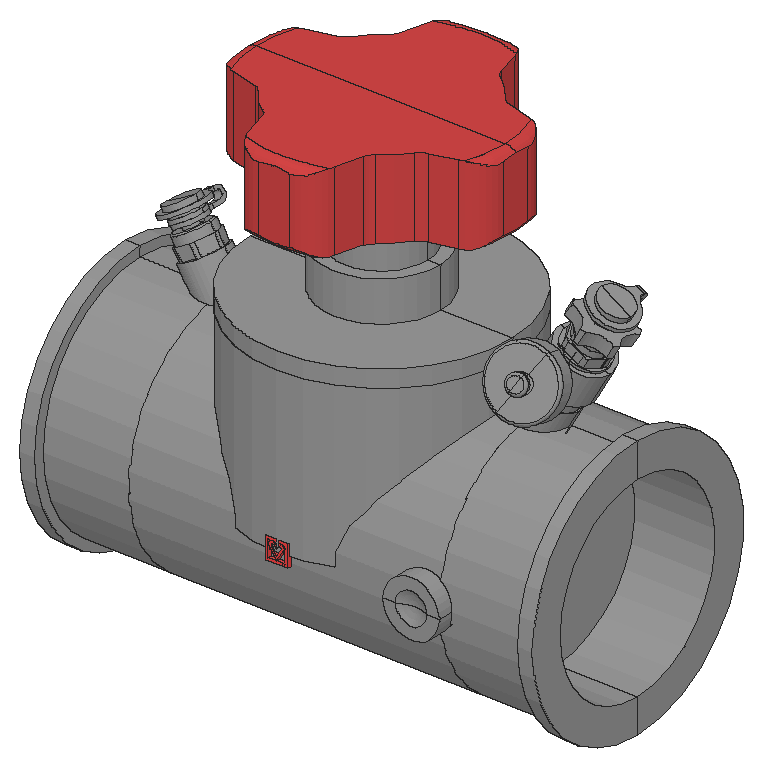
Revit family "Strangregulierventil für Differenzdruckmessung, Geradsitzform 4217 GML", category Rohrzubehör, Revit 2020
Family settings
  Bemaßung runder Anschluss = Durchmesser verwenden
  Teiletyp = Unterbricht
  OmniClass-Nummer = 23.65.55.14
  OmniClass-Titel = Valves for Liquid Services
  Arbeitsebenenbasiert = Nein
  Immer vertikal = Ja
  Beim Laden mit Abzugskörper schneiden = Nein
  Gemeinsam genutzt = Nein
Parameters
  kvs-Wert [instance] = if(Nennweite = 15.00 mm, 6.05, if(Nennweite = 20.00 mm, 6.11, if(Nennweite = 25.00 mm, 9.22, if(Nennweite = 32.00 mm, 18.83, if(Nennweite = 40.00 mm, 23.29, if(Nennweite = 50.00 mm, 35.26, if(Nennweite = 65.00 mm, 52.11, if(Nennweite = 80.00 mm, 76.1, 0))))))))  # 76.1
  W02 = 60.00°  # constant formula
  W01 = 30.00°  # constant formula
  Vorgabe-Ansicht = 0.00 mm
  URL = "www.herz-armaturen.at"
  SC_NennweiteBerechnet = 0
  SC_Dimension = ""
  SCRNSEQ = "ARM;ARM_TYP=\"STRV\";2"
  SCRNCODE = "05;07;02"  # constant formula
  S02 = 60.00 mm  # constant formula
  S01 [instance] = H00 + H01  # 119.31 mm
  R01 [instance] = size_lookup("4217_GML_", "R1", 1.00 mm, Nennweite)  # 53.00 mm
  Nennweite [instance] = 80.00 mm
  Medium = "Heizwasserqualität entsprechend ÖNORM H 5195 bzw. VDI-Richtlinie 2035.\r\nDie Verwendung von Ethylen- und Propylenglykol ist im Mischungsverhältnis 25 - 50 Vol. % zulässig."
  Max. Betriebstemperatur (bis DN32) = 130 °C  # constant formula
  Max. Betriebstemperatur (ab DN40) = 110 °C  # constant formula
  Max. Betriebsdruck = 1600000.0 Pa  # constant formula
  ML02 [instance] = size_lookup("4217_GML_", "ML2", 1.00 mm, Nennweite)  # 70.50 mm
  ML01 [instance] = size_lookup("4217_GML_", "ML1", 1.00 mm, Nennweite)  # 37.35 mm
  MD01 = 9.50 mm  # constant formula
  L02 [instance] = size_lookup("4217_GML_", "L2", 1.00 mm, Nennweite)  # 6.00 mm
  L01 [instance] = size_lookup("4217_GML_", "L1", 1.00 mm, Nennweite)  # 41.30 mm
  L00 [instance] = size_lookup("4217_GML_", "L", 1.00 mm, Nennweite)  # 210.00 mm
  IG [instance] = Nennweite / 2  # 40.00 mm
  Hersteller = "HERZ Armaturen Ges.m.b.H."  # constant formula
  H04 [instance] = size_lookup("4217_GML_", "H4", 1.00 mm, Nennweite)  # 19.00 mm
  H03 = 10.00 mm  # constant formula
  H02 [instance] = size_lookup("4217_GML_", "H2", 1.00 mm, Nennweite)  # 7.00 mm
  H01 [instance] = size_lookup("4217_GML_", "H1", 1.00 mm, Nennweite)  # 52.60 mm
  H00 [instance] = size_lookup("4217_GML_", "H", 1.00 mm, Nennweite)  # 66.71 mm
  Gewicht [instance] = if(Nennweite = 15.00 mm, "0.97 kg", if(Nennweite = 20.00 mm, "1.00 kg", if(Nennweite = 25.00 mm, "1.45 kg", if(Nennweite = 32.00 mm, "1.98 kg", if(Nennweite = 40.00 mm, "2.34 kg", if(Nennweite = 50.00 mm, "3.85 kg", if(Nennweite = 65.00 mm, "5.35 kg", if(Nennweite = 80.00 mm, "7.20 kg", "0 kg"))))))))  # "7.20 kg"
  Gehäuse = "DZR-Messing"  # constant formula
  GT [instance] = size_lookup("4217_GML_", "GT", 1.00 mm, Nennweite)  # 33.30 mm
  Einbaulage = "Bedingt durch die senkrecht zur Ventilachse angeordnete, nichtsteigende Ventilspindel ist für jede Einbaulage optimale Zugängigkeit und Bedienbarkeit des Ventils gewährleistet."
  Differenzdruckmessung = "STRÖMAX-GML Strangregulierventil ist mit zwei Messventilen ausgestattet.\r\nBei Verwendung eines geeigneten Messgerätes kann der Differenzdruck gemessen und dadurch die jeweilige Durchflussmenge in Abhängigkeit der Einstellstufe ermittelt werden.\r\nAm HERZ-Messcomputer (1 8900 05) ist außerdem direkt die jeweilige Durchflussmenge ablesbar."
  DN80 [instance] = Nennweite = 80.00 mm  # yes
  DN65 [instance] = Nennweite = 65.00 mm  # no
  DN50_DN80 [instance] = or(Nennweite = 50.00 mm, Nennweite = 65.00 mm, Nennweite = 80.00 mm)  # yes
  DN50-DN80 [instance] = H00 + H01  # 119.31 mm
  DN50 [instance] = Nennweite = 50.00 mm  # no
  DN40 [instance] = Nennweite = 40.00 mm  # no
  DN32 [instance] = Nennweite = 32.00 mm  # no
  DN25 [instance] = Nennweite = 25.00 mm  # no
  DN20 [instance] = Nennweite = 20.00 mm  # no
  DN15_DN40 [instance] = or(Nennweite = 15.00 mm, Nennweite = 20.00 mm, Nennweite = 25.00 mm, Nennweite = 32.00 mm, Nennweite = 40.00 mm)  # no
  DN15-DN40 [instance] = H00 + H01  # 119.31 mm
  DN15 [instance] = Nennweite = 15.00 mm  # no
  D06 [instance] = size_lookup("4217_GML_", "D6", 1.00 mm, Nennweite)  # 24.30 mm
  D05 [instance] = size_lookup("4217_GML_", "D5", 1.00 mm, Nennweite)  # 19.00 mm
  D04 = 9.00 mm  # constant formula
  D03 [instance] = size_lookup("4217_GML_", "D3", 1.00 mm, Nennweite)  # 53.80 mm
  D02 [instance] = size_lookup("4217_GML_", "D2", 1.00 mm, Nennweite)  # 54.00 mm
  D01 [instance] = size_lookup("4217_GML_", "D1", 1.00 mm, Nennweite)  # 50.00 mm
  Bestellnummer [instance] = size_lookup("4217_GML_", "Artnr", 0, Nennweite)  # 1421718
  Ausführung = "STRÖMAX-GML Strangregulierventil mit Messventilen und Impulsleitungsanschluß 1/2″ – 3″\r\nGeradesitzform, gelbe Ausführung, Muffe x Muffe, nichtsteigende Spindel, Spindelabdichtung durch Doppel-O-Ring, Voreinstellung durch Hubbegrenzung mittels Innenspindel, digitale Anzeige der Voreinstellstufe im Handradfenster.\r\nEin Standardmeßventil und ein Messventil mit integriertem Impulsleitungsanschluß befinden sich neben dem Handrad."
  Anwendungen = "Zum hydraulischen Abgleich in Heiz- oder Kühlanlagen, Einregulieren von Verteilleitungen, Strängen, Wärmetauschern, Heiz- und Kühlregistern."
Reference planes
  plane 1 "Mitte (Vorne/hinten)": y = 0
  plane 2: z = 0
  plane 3 "Mitte (Links/rechts)": x = 0
Forms (mm)
  Revolve 1, solid, material "Messing, weicher Gelbton, geschweißt", detail levels fine
    sketch origin (0, 0, 0) x (1, 0, 0) y (0, 0, 1)
      loop
        line (-105, 54) -> (-105, 40) -> (-71.7, 40) -> (-71.7, 0) -> (71.7, 0) -> (71.7, 40) -> (105, 40) -> (105, 54) -> (99, 54) -> (99, 50) -> (63.7, 50)
        arc (63.7, 50) -> (0, 53) -> (-63.7, 50) r 677.782
        line (-63.7, 50) -> (-99, 50) -> (-99, 54) -> (-105, 54)
      axis (-105, 0) -> (105, 0)
    angle from 0 to 360
  Revolve 2, solid, material "Messing, weicher Gelbton, geschweißt", detail levels fine
    sketch origin (0, 0, 0) x (1, 0, 0) y (0, 0, 1)
      loop
        line (37.35, 0) -> (72.6, 61.055) -> (64.373, 65.805) -> (29.123, 4.75) -> (37.35, 0)
      axis (37.35, 0) -> (72.6, 61.055)
    angle from 0 to 360
  Revolve 3, solid, material "Messing, weicher Gelbton, geschweißt", detail levels fine
    sketch origin (0, 0, 0) x (1, 0, 0) y (0, 0, 1)
      loop
        line (0, 0) -> (0, 66.71) -> (-53.8, 66.71) -> (-53.8, 0) -> (0, 0)
      axis (0, 66.71) -> (0, 0)
    angle from 0 to 360
  Revolve 4, solid, material "Messing, weicher Gelbton, geschweißt", detail levels fine
    sketch origin (0, 0, 0) x (-1, 0, 0) y (0, 0, 1)
      loop
        line (37.35, 0) -> (72.6, 61.055) -> (64.373, 65.805) -> (29.123, 4.75) -> (37.35, 0)
      axis (37.35, 0) -> (72.6, 61.055)
    angle from 0 to 360
  Revolve 5, solid, material "Messing, weicher Gelbton, geschweißt", visible <- "DN65", detail levels fine
    sketch origin (0, 0, 0) x (1, 0, 0) y (0, 1, 0)
      loop
        line (60, 47.945) -> (60, -47.945)
        arc (60, -47.945) -> (63.368, -48.598) -> (66.5, -50) r 15
        line (66.5, -50) -> (71.5, -50) -> (71.5, 50) -> (66.5, 50)
        arc (66.5, 50) -> (63.368, 48.598) -> (60, 47.945) r 15
      axis (60, 50) -> (60, -50)
    angle from 0 to 360
  Revolve 6, solid, material "Messing, weicher Gelbton, geschweißt", detail levels fine
    sketch origin (0, 0, 0) x (1, 0, 0) y (0, 0, 1)
      loop
        line (0, 66.71) -> (0, 119.31) -> (-9, 119.31) -> (-9, 109.31) -> (-19, 109.31) -> (-19, 90.31) -> (-24.3, 90.31) -> (-24.3, 73.71) -> (-53.8, 73.71) -> (-53.8, 66.71) -> (0, 66.71)
      axis (0, 119.31) -> (0, 66.71)
    angle from 0 to 360
  Revolve 7, solid, material "Messing, weicher Gelbton, geschweißt", visible <- "DN80", detail levels fine
    sketch origin (0, 0, 0) x (1, 0, 0) y (0, 1, 0)
      loop
        line (57, 53.945) -> (57, -53.945)
        arc (57, -53.945) -> (60.368, -54.598) -> (63.5, -56) r 15
        line (63.5, -56) -> (68.5, -56) -> (68.5, 56) -> (63.5, 56)
        arc (63.5, 56) -> (60.368, 54.598) -> (57, 53.945) r 15
      axis (57, 56) -> (57, -56)
    angle from 0 to 360
Lines and regions (mm)
  model lines, detail levels coarse+medium
    curve 1: line (-105, 0, 54) -> (-105, 0, -54)
    curve 2: line (-105, 0, -54) -> (105, 0, 54)
    curve 3: line (105, 0, 54) -> (105, 0, -54)
    curve 4: line (105, 0, -54) -> (-105, 0, 54)
    curve 5: line (0, 0, 0) -> (68.884, 0, 119.31)
    curve 6: line (42.903, 0, 134.31) -> (94.864, 0, 104.31)
    curve 7: line (-105, 54, 0) -> (-105, -54, 0)
    curve 8: line (-105, -54, 0) -> (105, 54, 0)
    curve 9: line (105, 54, 0) -> (105, -54, 0)
    curve 10: line (105, -54, 0) -> (-105, 54, 0)
    curve 11: line (0, 0, 0) -> (68.884, 119.31, 0)
    curve 12: line (42.903, 134.31, 0) -> (94.864, 104.31, 0)
Dimensions and locks
  "IG": Revolve 1 sketch curve to plane 2
  "GT": Revolve 1 sketch curve to Revolve 1 sketch curve  (x2)
  "IG": Revolve 1 sketch curve to Revolve 1 sketch curve
  "D01": Revolve 1 sketch curve to Revolve 1 sketch curve  (x2)
  "R01": Revolve 1 sketch curve to Revolve 1 sketch curve
  "L02": Revolve 1 sketch curve to Revolve 1 sketch curve  (x2)
  "L01": Revolve 1 sketch curve to Revolve 1 sketch curve  (x2)
  "D02": Revolve 1 sketch curve to plane 2  (x2)
  equal spacing: Revolve 1 sketch curve, plane 3 "Mitte (Links/rechts)", Revolve 1 sketch curve
  "L00": Revolve 1 sketch curve to Revolve 1 sketch curve
  "R01": nested 1 to plane 1 "Mitte (Vorne/hinten)"
  "ML01": Revolve 2 sketch curve to plane 3 "Mitte (Links/rechts)"
  "H00": Revolve 3 sketch curve to plane 2
  "D03": Revolve 3 sketch curve to Revolve 3 sketch curve
  "ML02": Revolve 2 sketch curve to Revolve 2 sketch curve
  "MD01": Revolve 2 sketch curve to Revolve 2 sketch curve  (x2)
  "ML02": Revolve 4 sketch curve to Revolve 4 sketch curve
  "MD01": Revolve 4 sketch curve to Revolve 4 sketch curve  (x2)
  "ML01": plane 3 "Mitte (Links/rechts)" to Revolve 4 sketch curve
  Revolve 5 sketch curve to Revolve 1 = 45.00 mm
  Revolve 5 sketch curve to Revolve 5 sketch curve = 11.50 mm  (x2)
  Revolve 5 sketch curve to plane 1 "Mitte (Vorne/hinten)" to Revolve 5 sketch curve = 50.00 mm, 50.00 mm
  "H00": Revolve 6 sketch curve to plane 2
  "H01": Revolve 6 sketch curve to Revolve 6 sketch curve
  "D04": Revolve 6 sketch curve to Revolve 6 sketch curve
  "D03": Revolve 6 sketch curve to Revolve 6 sketch curve
  "D05": Revolve 6 sketch curve to Revolve 6 sketch curve
  "D06": Revolve 6 sketch curve to Revolve 6 sketch curve
  "H02": Revolve 6 sketch curve to Revolve 6 sketch curve
  "H03": Revolve 6 sketch curve to Revolve 6 sketch curve
  "H04": Revolve 6 sketch curve to Revolve 6 sketch curve
  Revolve 7 sketch curve to Revolve 1 = 48.00 mm
  Revolve 7 sketch curve to Revolve 7 sketch curve = 11.50 mm  (x2)
  Revolve 7 sketch curve to plane 1 "Mitte (Vorne/hinten)" to Revolve 7 sketch curve = 56.00 mm, 56.00 mm
  "DN15-DN40": nested 2 to plane 2
  "DN50-DN80": nested 3 to plane 2
  "D02": curve 4 to plane 2 to curve 2
  "D02": curve 3 to plane 2 to curve 4
  equal spacing: curve 1, plane 3 "Mitte (Links/rechts)", curve 3
  "L00": curve 1 to curve 3
  equal spacing: Revolve 1, curve 5, Revolve 1
  "S01": curve 5 to plane 2
  equal spacing: curve 6, curve 5, curve 6
  "S02": curve 6 to curve 6
  "D02": curve 8 to plane 1 "Mitte (Vorne/hinten)" to curve 10
  "D02": curve 10 to plane 1 "Mitte (Vorne/hinten)" to curve 9
  equal spacing: curve 7, plane 3 "Mitte (Links/rechts)", curve 9
  "L00": curve 7 to curve 9
  equal spacing: curve 7, curve 11, curve 9
  "S01": plane 1 "Mitte (Vorne/hinten)" to curve 11
  equal spacing: curve 12, curve 11, curve 12
  "S02": curve 12 to curve 12
  radius of Revolve 5 sketch curve = 15.00 mm  (x2)
  radius of Revolve 7 sketch curve = 15.00 mm  (x2)
  "W01": angle Revolve 2 sketch curve to plane 3 "Mitte (Links/rechts)"  (x2)
  "W01": angle plane 3 "Mitte (Links/rechts)" to Revolve 4 sketch curve  (x2)
  "W02": angle plane 2 to curve 5
  "W02": angle plane 1 "Mitte (Vorne/hinten)" to curve 11
  aligned and locked: level to plane 2
Automatic sketch dimensions
  Revolve 5 sketch curve to Revolve 5 sketch curve = 1.153 mm  (x2)
  Revolve 5 sketch curve to Revolve 5 sketch curve = 5.00 mm  (x2)
  Revolve 5 sketch curve to Revolve 5 sketch curve = 2.854 mm  (x2)
  Revolve 7 sketch curve to Revolve 7 sketch curve = 1.153 mm  (x2)
  Revolve 7 sketch curve to Revolve 7 sketch curve = 5.00 mm  (x2)
  Revolve 7 sketch curve to Revolve 7 sketch curve = 8.854 mm  (x2)
  Revolve 1 sketch curve to level = 0.00 mm  (x2)
  Revolve 1 sketch curve to Revolve 1 sketch curve = 1429.986 mm
  Revolve 1 sketch curve to Revolve 1 sketch curve = 1762.604 mm
  Revolve 2 sketch curve to level = 0.00 mm  (x2)
  Revolve 3 sketch curve to level = 0.00 mm
  Revolve 3 sketch curve to plane 3 "Mitte (Links/rechts)" = 0.00 mm  (x2)
  Revolve 3 sketch curve to Revolve 3 sketch curve = 366.045 mm
  Revolve 3 sketch curve to Revolve 3 sketch curve = 2179.415 mm
  Revolve 4 sketch curve to level = 0.00 mm  (x2)
  Revolve 6 sketch curve to plane 3 "Mitte (Links/rechts)" = 0.00 mm  (x2)
  Revolve 6 sketch curve to level = 366.045 mm
  Revolve 6 sketch curve to Revolve 6 sketch curve = 2146.115 mm
Nested families
  nested 1: "Herz-Logo-vorne" at (0, -53, 0) x (0, 1, 0) z (0, 0, 1), type "Herz-Logo-vorne", detail levels fine
  nested 2: "Strangregulierventil-Handrad-Gerade (Rot) DN15-DN40" at (0, 0, 119.31), visible <- "DN15_DN40", type "Strangregulierventil-Handrad-Gerade (Rot) DN15-DN40", detail levels fine
    with Nennweite 0.00 mm, Gewicht 0.00 kg, Bestellnummer 0
  nested 3: "Strangregulierventil-Handrad-Gerade (Rot) DN50-DN80" at (0, 0, 119.31), visible <- "DN50_DN80", type "Strangregulierventil-Handrad-Gerade (Rot) DN50-DN80", detail levels fine
    with Nennweite 0.00 mm, Gewicht 0.00 kg, Bestellnummer 0
  nested 4: "Messstutzen_Band-KFE_Austritt_30Grad_(oben)" at (61.39, 0, 59.409), visible <- "DN50", type "Messstutzen_Band-KFE_Austritt_30Grad_(oben)", detail levels fine
    with Schutzkappe yes, Nennweite 0.00 mm, Gewicht 0.00 kg, Bestellnummer 0
  nested 5: "Messstutzen_Band_Eintritt_30Grad_(oben)" at (-47.24, 0, 34.901) x (-1, 0, 0) z (0, 0, 1), visible <- "DN50", type "Messstutzen_Band_Eintritt_30Grad_(oben)", detail levels fine
    with Schutzkappe yes, Nennweite 0.00 mm, Gewicht 0.00 kg, Bestellnummer 0
  nested 6: "Messstutzen_Band-KFE_Austritt_30Grad_(oben)" at (41.17, 0, 35.507), visible <- "DN15", type "Messstutzen_Band-KFE_Austritt_30Grad_(oben)", detail levels fine
    with Schutzkappe yes, Nennweite 0.00 mm, Gewicht 0.00 kg, Bestellnummer 0
  nested 7: "Messstutzen_Band_Eintritt_30Grad_(oben)" at (-27.02, 0, 10.999) x (-1, 0, 0) z (0, 0, 1), visible <- "DN15", type "Messstutzen_Band_Eintritt_30Grad_(oben)", detail levels fine
    with Schutzkappe yes, Nennweite 0.00 mm, Gewicht 0.00 kg, Bestellnummer 0
  nested 8: "Messstutzen_Band_Eintritt_30Grad_(oben)" at (-24.855, 0, 13.553) x (-1, 0, 0) z (0, 0, 1), visible <- "DN20", type "Messstutzen_Band_Eintritt_30Grad_(oben)", detail levels fine
    with Schutzkappe yes, Nennweite 0.00 mm, Gewicht 0.00 kg, Bestellnummer 0
  nested 9: "Messstutzen_Band-KFE_Austritt_30Grad_(oben)" at (39.005, 0, 38.062), visible <- "DN20", type "Messstutzen_Band-KFE_Austritt_30Grad_(oben)", detail levels fine
    with Schutzkappe yes, Nennweite 0.00 mm, Gewicht 0.00 kg, Bestellnummer 0
  nested 10: "Messstutzen_Band_Eintritt_30Grad_(oben)" at (-29.265, 0, 17.883) x (-1, 0, 0) z (0, 0, 1), visible <- "DN25", type "Messstutzen_Band_Eintritt_30Grad_(oben)", detail levels fine
    with Schutzkappe yes, Nennweite 0.00 mm, Gewicht 0.00 kg, Bestellnummer 0
  nested 11: "Messstutzen_Band-KFE_Austritt_30Grad_(oben)" at (43.415, 0, 42.392), visible <- "DN25", type "Messstutzen_Band-KFE_Austritt_30Grad_(oben)", detail levels fine
    with Schutzkappe yes, Nennweite 0.00 mm, Gewicht 0.00 kg, Bestellnummer 0
  nested 12: "Messstutzen_Band_Eintritt_30Grad_(oben)" at (-37.74, 0, 24.595) x (-1, 0, 0) z (0, 0, 1), visible <- "DN32", type "Messstutzen_Band_Eintritt_30Grad_(oben)", detail levels fine
    with Schutzkappe yes, Nennweite 0.00 mm, Gewicht 0.00 kg, Bestellnummer 0
  nested 13: "Messstutzen_Band-KFE_Austritt_30Grad_(oben)" at (51.89, 0, 49.104), visible <- "DN32", type "Messstutzen_Band-KFE_Austritt_30Grad_(oben)", detail levels fine
    with Schutzkappe yes, Nennweite 0.00 mm, Gewicht 0.00 kg, Bestellnummer 0
  nested 14: "Messstutzen_Band_Eintritt_30Grad_(oben)" at (-42.8, 0, 28.665) x (-1, 0, 0) z (0, 0, 1), visible <- "DN40", type "Messstutzen_Band_Eintritt_30Grad_(oben)", detail levels fine
    with Schutzkappe yes, Nennweite 0.00 mm, Gewicht 0.00 kg, Bestellnummer 0
  nested 15: "Messstutzen_Band-KFE_Austritt_30Grad_(oben)" at (56.95, 0, 53.174), visible <- "DN40", type "Messstutzen_Band-KFE_Austritt_30Grad_(oben)", detail levels fine
    with Schutzkappe yes, Nennweite 0.00 mm, Gewicht 0.00 kg, Bestellnummer 0
  nested 16: "Messstutzen_Band_Eintritt_30Grad_(oben)" at (-54.5, 0, 38.105) x (-1, 0, 0) z (0, 0, 1), visible <- "DN65", type "Messstutzen_Band_Eintritt_30Grad_(oben)", detail levels fine
    with Schutzkappe yes, Nennweite 0.00 mm, Gewicht 0.00 kg, Bestellnummer 0
  nested 17: "Messstutzen_Band-KFE_Austritt_30Grad_(oben)" at (68.65, 0, 62.614), visible <- "DN65", type "Messstutzen_Band-KFE_Austritt_30Grad_(oben)", detail levels fine
    with Schutzkappe yes, Nennweite 0.00 mm, Gewicht 0.00 kg, Bestellnummer 0
  nested 18: "Messstutzen_Band_Eintritt_30Grad_(oben)" at (-63.85, 0, 45.899) x (-1, 0, 0) z (0, 0, 1), visible <- "DN80", type "Messstutzen_Band_Eintritt_30Grad_(oben)", detail levels fine
    with Schutzkappe yes, Nennweite 0.00 mm, Gewicht 0.00 kg, Bestellnummer 0
  nested 19: "Messstutzen_Band-KFE_Austritt_30Grad_(oben)" at (78, 0, 70.408), visible <- "DN80", type "Messstutzen_Band-KFE_Austritt_30Grad_(oben)", detail levels fine
    with Schutzkappe yes, Nennweite 0.00 mm, Gewicht 0.00 kg, Bestellnummer 0
Connectors
  piping at (-71.7, 0, 0), diameter 80, driven by "Nennweite"
    settings: on Revolve 1, index 1, connector inside diameter 609.6 mm, connector length 0.00 mm, flow factor 0, pipe flow 0.0 L/s, pressure drop 0.0 Pa, fitting loss kfactor 0, connector angle 0.00°, fixture units 0, engagement length 0.00 mm, angle of deflection 0.00°, flow configuration 0, flow direction 1, fitting loss method 0, system type 29, joint type 0, gender type 0, connector reference index -1, connector utility 0, adjustable connector no, is connector primary yes, connector description ""
  piping at (71.7, 0, 0), diameter 80, driven by "Nennweite"
    settings: on Revolve 1, index 2, connector inside diameter 609.6 mm, connector length 0.00 mm, flow factor 0, pipe flow 0.0 L/s, pressure drop 0.0 Pa, fitting loss kfactor 0, connector angle 0.00°, fixture units 0, engagement length 0.00 mm, angle of deflection 0.00°, flow configuration 0, flow direction 2, fitting loss method 0, system type 29, joint type 0, gender type 0, connector reference index -1, connector utility 0, adjustable connector no, is connector primary no, connector description ""
Definition of nested family "Herz-Logo-vorne"
  Parameters (values of type "Herz-Logo-vorne")
    Default Elevation = 0.00 mm
  Reference planes
    plane 1 "Mitte (Vorne/hinten)": y = 0
    plane 2: z = 0
    plane 3 "Mitte (Links/rechts)": x = 0
  Forms (mm)
    Extrusion 1, solid
      sketch origin (0.732, -0.018, 0.017) x (0, -1, 0) y (0, 0, 1)
        loop
          line (-0.018, -4.517) -> (4.482, -4.517) -> (4.482, 4.483) -> (-4.518, 4.483) -> (-4.518, -4.517) -> (-0.018, -4.517)
        loop
          line (-0.05, -3.48) -> (3.482, -3.48) -> (3.482, 3.483) -> (-3.518, 3.483) -> (-3.518, -3.48) -> (-0.05, -3.48)
        loop
          arc (-0.018, 2.383) -> (-1.543, 3.287) -> (-3.067, 2.383) r 1.738
          arc (-3.067, 2.383) -> (-3.191, 1.899) -> (-3.067, 1.415) r 1.009
          line (-3.067, 1.415) -> (-0.018, -3.281) -> (3.032, 1.415)
          arc (3.032, 1.415) -> (3.156, 1.899) -> (3.032, 2.383) r 1.009
          arc (3.032, 2.383) -> (1.507, 3.287) -> (-0.018, 2.383) r 1.738
        loop
          arc (1.885, 1.272) -> (2.005, 1.675) -> (1.885, 2.079) r 0.74
          arc (1.885, 2.079) -> (1.265, 2.416) -> (0.644, 2.079) r 0.74
          line (0.644, 2.079) -> (-0.018, 0.97) -> (-0.679, 2.079)
          arc (-0.679, 2.079) -> (-1.3, 2.416) -> (-1.921, 2.079) r 0.74
          arc (-1.921, 2.079) -> (-2.04, 1.675) -> (-1.921, 1.272) r 0.74
          line (-1.921, 1.272) -> (-0.018, -1.658) -> (1.885, 1.272)
      from 0 to 1.5
  Dimensions and locks
    aligned and locked: level to plane 2
Definition of nested family "Strangregulierventil-Handrad-Gerade (Rot) DN15-DN40"
  Parameters (values of type "Strangregulierventil-Handrad-Gerade (Rot) DN15-DN40")
    Default Elevation = 0.00 mm
    URL = "www.herz-armaturen.at"
    Nennweite [instance] = 0.00 mm
    Manufacturer = "Herz Armaturen GmbH"  # constant formula
    Gewicht [instance] = 0.00 kg
    Bestellnummer [instance] = 0
  Reference planes
    plane 1 "Mitte (Vorne/hinten)": y = 0
    plane 2: z = 0
    plane 3 "Mitte (Links/rechts)": x = 0
  Forms (mm)
    Revolve 1, solid, detail levels fine
      sketch origin (0, 0, 0) x (1, 0, 0) y (0, 0, 1)
        loop
          line (0, 0) -> (0, 24.95) -> (-30.992, 24.95)
          arc (-30.992, 24.95) -> (-34.37, 23.636) -> (-35.973, 20.386) r 5
          line (-35.973, 20.386) -> (-37, 8.65) -> (-35.986, -2.936)
          arc (-35.986, -2.936) -> (-34.383, -6.186) -> (-31.005, -7.5) r 5
          line (-31.005, -7.5) -> (-15, -7.5) -> (-15, 0) -> (0, 0)
        axis (0, 24.95) -> (0, -7.5)
      angle from 0 to 360
    Extrusion 2, void
      sketch origin (0, 0, 20.3) x (1, 0, 0) y (0, 1, 0)
        loop
          line (3.861, 35.5) -> (-3.861, 35.5)
          arc (-3.861, 35.5) -> (-8.731, 33.847) -> (-11.589, 29.571) r 8
          line (-11.589, 29.571) -> (-13.284, 23.245)
          arc (-13.284, 23.245) -> (-13.982, 21.722) -> (-15.144, 20.516) r 5
          arc (-15.144, 20.516) -> (-18.031, 18.031) -> (-20.516, 15.144) r 25.5
          arc (-20.516, 15.144) -> (-21.722, 13.982) -> (-23.245, 13.284) r 5
          line (-23.245, 13.284) -> (-29.571, 11.589)
          arc (-29.571, 11.589) -> (-33.847, 8.731) -> (-35.5, 3.861) r 8
          line (-35.5, 3.861) -> (-35.5, -3.861)
          arc (-35.5, -3.861) -> (-33.847, -8.731) -> (-29.571, -11.589) r 8
          line (-29.571, -11.589) -> (-23.245, -13.284)
          arc (-23.245, -13.284) -> (-21.722, -13.982) -> (-20.516, -15.144) r 5
          arc (-20.516, -15.144) -> (-18.031, -18.031) -> (-15.144, -20.516) r 25.5
          arc (-15.144, -20.516) -> (-13.982, -21.722) -> (-13.284, -23.245) r 5
          line (-13.284, -23.245) -> (-11.589, -29.571)
          arc (-11.589, -29.571) -> (-8.731, -33.847) -> (-3.861, -35.5) r 8
          line (-3.861, -35.5) -> (3.861, -35.5)
          arc (3.861, -35.5) -> (8.731, -33.847) -> (11.589, -29.571) r 8
          line (11.589, -29.571) -> (13.284, -23.245)
          arc (13.284, -23.245) -> (13.982, -21.722) -> (15.144, -20.516) r 5
          arc (15.144, -20.516) -> (18.031, -18.031) -> (20.516, -15.144) r 25.5
          arc (20.516, -15.144) -> (21.722, -13.982) -> (23.245, -13.284) r 5
          line (23.245, -13.284) -> (29.571, -11.589)
          arc (29.571, -11.589) -> (33.847, -8.731) -> (35.5, -3.861) r 8
          line (35.5, -3.861) -> (35.5, 3.861)
          arc (35.5, 3.861) -> (33.847, 8.731) -> (29.571, 11.589) r 8
          line (29.571, 11.589) -> (23.245, 13.284)
          arc (23.245, 13.284) -> (21.722, 13.982) -> (20.516, 15.144) r 5
          arc (20.516, 15.144) -> (18.031, 18.031) -> (15.144, 20.516) r 25.5
          arc (15.144, 20.516) -> (13.982, 21.722) -> (13.284, 23.245) r 5
          line (13.284, 23.245) -> (11.589, 29.571)
          arc (11.589, 29.571) -> (8.731, 33.847) -> (3.861, 35.5) r 8
        loop
          circle (0, 0) r 38
      from -31.266 to 7.923
  Cuts and joins
    Extrusion 2 cuts Revolve 1
  Dimensions and locks
    Revolve 1 sketch curve to Revolve 1 sketch curve = 15.00 mm
    Revolve 1 sketch curve to Revolve 1 sketch curve = 16.15 mm
    Revolve 1 sketch curve to Revolve 1 sketch curve = 16.30 mm
    angle Revolve 1 sketch curve to Revolve 1 sketch curve = 95.00°
    aligned and locked: level to plane 2
Definition of nested family "Strangregulierventil-Handrad-Gerade (Rot) DN50-DN80"
  Parameters (values of type "Strangregulierventil-Handrad-Gerade (Rot) DN50-DN80")
    Default Elevation = 0.00 mm
    URL = "www.herz-armaturen.at"
    Nennweite [instance] = 0.00 mm
    Manufacturer = "Herz Armaturen GmbH"  # constant formula
    Gewicht [instance] = 0.00 kg
    Bestellnummer [instance] = 0
  Reference planes
    plane 1 "Mitte (Vorne/hinten)": y = 0
    plane 2: z = 0
    plane 3 "Mitte (Links/rechts)": x = 0
  Forms (mm)
    Revolve 1, solid, detail levels fine
      sketch origin (0, 0, 0) x (1, 0, 0) y (0, 0, 1)
        loop
          line (0, 0) -> (0, 24.95) -> (-50.992, 24.95)
          arc (-50.992, 24.95) -> (-54.37, 23.636) -> (-55.973, 20.386) r 5
          line (-55.973, 20.386) -> (-57, 8.65) -> (-55.986, -2.936)
          arc (-55.986, -2.936) -> (-54.383, -6.186) -> (-51.005, -7.5) r 5
          line (-51.005, -7.5) -> (-15, -7.5) -> (-15, 0) -> (0, 0)
        axis (0, 24.95) -> (0, -7.5)
      angle from 0 to 360
    Extrusion 2, void
      sketch origin (0, 0, 20.3) x (1, 0, 0) y (0, 1, 0)
        loop
          line (-55, 6.292) -> (-55, -6.292)
          arc (-55, -6.292) -> (-52.52, -13.597) -> (-46.106, -17.883) r 12
          line (-46.106, -17.883) -> (-35.399, -20.752)
          arc (-35.399, -20.752) -> (-33.541, -21.612) -> (-32.08, -23.047) r 6
          arc (-32.08, -23.047) -> (-27.931, -27.931) -> (-23.047, -32.08) r 39.5
          arc (-23.047, -32.08) -> (-21.612, -33.541) -> (-20.752, -35.399) r 6
          line (-20.752, -35.399) -> (-17.883, -46.106)
          arc (-17.883, -46.106) -> (-13.597, -52.52) -> (-6.292, -55) r 12
          line (-6.292, -55) -> (6.292, -55)
          arc (6.292, -55) -> (13.597, -52.52) -> (17.883, -46.106) r 12
          line (17.883, -46.106) -> (20.752, -35.399)
          arc (20.752, -35.399) -> (21.612, -33.541) -> (23.047, -32.08) r 6
          arc (23.047, -32.08) -> (27.931, -27.931) -> (32.08, -23.047) r 39.5
          arc (32.08, -23.047) -> (33.541, -21.612) -> (35.399, -20.752) r 6
          line (35.399, -20.752) -> (46.106, -17.883)
          arc (46.106, -17.883) -> (52.52, -13.597) -> (55, -6.292) r 12
          line (55, -6.292) -> (55, 6.292)
          arc (55, 6.292) -> (52.52, 13.597) -> (46.106, 17.883) r 12
          line (46.106, 17.883) -> (35.399, 20.752)
          arc (35.399, 20.752) -> (33.541, 21.612) -> (32.08, 23.047) r 6
          arc (32.08, 23.047) -> (27.931, 27.931) -> (23.047, 32.08) r 39.5
          arc (23.047, 32.08) -> (21.612, 33.541) -> (20.752, 35.399) r 6
          line (20.752, 35.399) -> (17.883, 46.106)
          arc (17.883, 46.106) -> (13.597, 52.52) -> (6.292, 55) r 12
          line (6.292, 55) -> (-6.292, 55)
          arc (-6.292, 55) -> (-13.597, 52.52) -> (-17.883, 46.106) r 12
          line (-17.883, 46.106) -> (-20.752, 35.399)
          arc (-20.752, 35.399) -> (-21.612, 33.541) -> (-23.047, 32.08) r 6
          arc (-23.047, 32.08) -> (-27.931, 27.931) -> (-32.08, 23.047) r 39.5
          arc (-32.08, 23.047) -> (-33.541, 21.612) -> (-35.399, 20.752) r 6
          line (-35.399, 20.752) -> (-46.106, 17.883)
          arc (-46.106, 17.883) -> (-52.52, 13.597) -> (-55, 6.292) r 12
        loop
          circle (0, 0) r 60
      from -31.161 to 7.489
  Cuts and joins
    Extrusion 2 cuts Revolve 1
  Dimensions and locks
    Revolve 1 sketch curve to Revolve 1 sketch curve = 15.00 mm
    Revolve 1 sketch curve to Revolve 1 sketch curve = 16.15 mm
    Revolve 1 sketch curve to Revolve 1 sketch curve = 16.30 mm
    Revolve 1 sketch curve to Revolve 1 sketch curve = 57.00 mm
    angle Revolve 1 sketch curve to Revolve 1 sketch curve = 95.00°
    aligned and locked: level to plane 2
Definition of nested family "Messstutzen_Band-KFE_Austritt_30Grad_(oben)"
  Parameters (values of type "Messstutzen_Band-KFE_Austritt_30Grad_(oben)")
    Default Elevation = 0.00 mm
    URL = "www.herz-armaturen.at"
    Schutzkappe [instance] = yes
    Nennweite [instance] = 0.00 mm
    Manufacturer = "Herz Armaturen GmbH"  # constant formula
    Gewicht [instance] = 0.00 kg
    Bestellnummer [instance] = 0
  Reference planes
    plane 1 "Mitte (Vorne/hinten)": y = 0
    plane 2: z = 0
    plane 3 "Mitte (Links/rechts)": x = 0
  Forms (mm)
    Revolve 1, solid, detail levels fine
      sketch origin (0, 0, 0) x (0.866025, 0, -0.5) y (0.5, 0, 0.866025)
        loop
          line (-7.4, 9) -> (-5.55, 9) -> (-5.55, 6)
          arc (-5.55, 6) -> (-5.626, 5.617) -> (-5.843, 5.293) r 1
          line (-5.843, 5.293) -> (-6.455, 4.681) -> (-6.455, 0.9) -> (-5.555, 0) -> (-2, 0) -> (-2, 23) -> (-2, 35.8) -> (-3.805, 35.8) -> (-4.415, 35.19) -> (-4.415, 30.863) -> (-3.7, 30.45) -> (-3.7, 27) -> (-7.4, 27) -> (-7.4, 9)
        axis (0, 0) -> (0, 35.8)
      angle from 0 to 360
    Extrusion 2, solid, detail levels fine
      sketch origin (8.75, 0, 15.155) x (0, 1, 0) y (-0.866025, 0, 0.5)
        loop
          arc (-7.07, 5.156) -> (-7.578, 4.375) -> (-8, 3.544) r 8.75
          line (-8, 3.544) -> (-8, -3.544)
          arc (-8, -3.544) -> (-7.578, -4.375) -> (-7.07, -5.156) r 8.75
          line (-7.07, -5.156) -> (-0.93, -8.7)
          arc (-0.93, -8.7) -> (0, -8.75) -> (0.93, -8.7) r 8.75
          line (0.93, -8.7) -> (7.07, -5.156)
          arc (7.07, -5.156) -> (7.578, -4.375) -> (8, -3.544) r 8.75
          line (8, -3.544) -> (8, 3.544)
          arc (8, 3.544) -> (7.578, 4.375) -> (7.07, 5.156) r 8.75
          line (7.07, 5.156) -> (0.93, 8.7)
          arc (0.93, 8.7) -> (0, 8.75) -> (-0.93, 8.7) r 8.75
          line (-0.93, 8.7) -> (-7.07, 5.156)
      from -5.51 to -1.21
    Revolve 3, solid, visible <- "Schutzkappe", detail levels fine
      sketch origin (0, 0, 0) x (0.866025, 0, -0.5) y (0.5, 0, 0.866025)
        loop
          line (0, 35.878) -> (0, 36.678) -> (-7, 36.678) -> (-7, 33.378) -> (-6.1, 33.378) -> (-6.1, 31.678) -> (-6.9, 31.678) -> (-6.9, 30.178) -> (-4.415, 30.178) -> (-4.415, 35.268) -> (-3.805, 35.878) -> (0, 35.878)
        axis (0, 30.178) -> (0, 36.678)
      angle from 0 to 360
    Extrusion 4, solid, detail levels fine
      sketch origin (15, 0, 25.981) x (0, 1, 0) y (0.866025, 0, -0.5)
        loop
          circle (0, 0) r 3.7
        loop
          arc (5.505, -3.906) -> (7.288, -2.358) -> (9.582, -1.8) r 5
          line (9.582, -1.8) -> (9.582, 1.8)
          arc (9.582, 1.8) -> (7.288, 2.358) -> (5.505, 3.906) r 5
          arc (5.505, 3.906) -> (-6.75, 0) -> (5.505, -3.906) r 6.75
      from 0 to -1.5
    Extrusion 5, solid, detail levels fine
      sketch origin (16.589, 0, 28.733) x (0, 1, 0) y (0.866025, 0, -0.5)
        loop
          circle (0, 0) r 6.1
        loop
          arc (8.652, -4.495) -> (10.493, -2.527) -> (13.089, -1.8) r 5
          line (13.089, -1.8) -> (13.089, 1.8)
          arc (13.089, 1.8) -> (10.493, 2.527) -> (8.652, 4.495) r 5
          arc (8.652, 4.495) -> (-9.75, 0) -> (8.652, -4.495) r 9.75
      from 0 to -1.5
    Sweep 6, solid, detail levels fine
      path origin (0, 0, 0) x (-0.5, 0, -0.866025) y (0, 1, 0)
        loop
          line (-29.25, 9.582) -> (-29.25, 14.522)
          arc (-29.25, 14.522) -> (-30.839, 16.112) -> (-32.428, 14.522) r 1.589
          line (-32.428, 14.522) -> (-32.428, 13.089)
      profile origin (14.625, 12.052, 25.331) x (0.5, 0, 0.866025) y (0.866025, 0, -0.5)
        loop
          line (-0.75, -1.8) -> (0.75, -1.8) -> (0.75, 1.8) -> (-0.75, 1.8) -> (-0.75, -1.8)
    Extrusion 7, solid, detail levels fine
      sketch origin (-87.639, 0, 50.598) x (0.866025, 0, -0.5) y (0, 1, 0)
        loop
          arc (112.053, 5.113) -> (111.589, 6) -> (111.053, 6.845) r 12
          arc (111.053, 6.845) -> (105.696, 7.794) -> (102.196, 11.958) r 7.971
          arc (102.196, 11.958) -> (101.196, 12) -> (100.196, 11.958) r 12
          arc (100.196, 11.958) -> (96.696, 7.794) -> (91.34, 6.845) r 7.971
          arc (91.34, 6.845) -> (90.804, 6) -> (90.34, 5.113) r 12
          arc (90.34, 5.113) -> (92.196, 0) -> (90.34, -5.113) r 7.971
          arc (90.34, -5.113) -> (90.804, -6) -> (91.34, -6.845) r 12
          arc (91.34, -6.845) -> (96.696, -7.794) -> (100.196, -11.958) r 7.971
          arc (100.196, -11.958) -> (101.196, -12) -> (102.196, -11.958) r 12
          arc (102.196, -11.958) -> (105.696, -7.794) -> (111.053, -6.845) r 7.971
          arc (111.053, -6.845) -> (111.589, -6) -> (112.053, -5.113) r 12
          arc (112.053, -5.113) -> (110.196, 0) -> (112.053, 5.113) r 7.971
      from 22.3 to 28.5
    Revolve 8, solid, detail levels fine
      sketch origin (-47.563, 0, 4.367) x (-0.866025, 0, 0.5) y (0.5, 0, 0.866025)
        loop
          line (-43.374, 0) -> (-37.874, 0) -> (-36.774, 1.1) -> (-36.774, 4.9) -> (-37.874, 6) -> (-37.874, 8.4) -> (-36.424, 8.4) -> (-36.424, 9.2) -> (-34.424, 9.2) -> (-34.424, 15.59) -> (-31.874, 15.59) -> (-31.874, 30.99) -> (-33.874, 30.99) -> (-33.874, 31.99) -> (-43.374, 31.99) -> (-43.374, 0)
        loop
          line (-43.374, 39) -> (-43.374, 36.29) -> (-35.874, 36.29) -> (-35.874, 39) -> (-43.374, 39)
        axis (-43.374, 39) -> (-43.374, 0)
      angle from 0 to 360
    Revolve 9, solid, detail levels fine
      sketch origin (0, 0, 0) x (0, -1, 0) y (0.5, 0, 0.866025)
        loop
          line (0, -1.01) -> (32.627, 14.204) -> (27.556, 25.08) -> (25.934, 25.67) -> (21.602, 23.65) -> (14.873, 11.994) -> (-2.324, 3.975) -> (0, -1.01)
        axis (32.627, 14.204) -> (0, -1.01)
      angle from 0 to 360
    Revolve 10, solid, detail levels fine
      sketch origin (-19.899, -51.188, -34.465) x (-0.453154, -0.422618, -0.784886) y (0.211309, -0.906308, 0.365998)
        loop
          line (-56.786, 8) -> (-45.747, 8) -> (-45.747, 0) -> (-43.834, 0) -> (-42.786, 1.048) -> (-42.786, 8.048)
          arc (-42.786, 8.048) -> (-43.065, 8.721) -> (-43.738, 9) r 0.952
          line (-43.738, 9) -> (-52.974, 9)
          arc (-52.974, 9) -> (-53.548, 9.238) -> (-53.786, 9.812) r 0.812
          line (-53.786, 9.812) -> (-53.786, 12) -> (-52.786, 12) -> (-52.786, 13.03)
          arc (-52.786, 13.03) -> (-53.07, 13.716) -> (-53.756, 14) r 0.97
          line (-53.756, 14) -> (-56.786, 14) -> (-56.786, 8)
        axis (-56.786, 14) -> (-56.786, 0)
      angle from 0 to 360
  Dimensions and locks
    aligned and locked: level to plane 2
Definition of nested family "Messstutzen_Band_Eintritt_30Grad_(oben)"
  Parameters (values of type "Messstutzen_Band_Eintritt_30Grad_(oben)")
    Default Elevation = 0.00 mm
    URL = "www.herz-armaturen.at"
    Schutzkappe [instance] = yes
    Nennweite [instance] = 0.00 mm
    Manufacturer = "Herz Armaturen GmbH"  # constant formula
    Gewicht [instance] = 0.00 kg
    Bestellnummer [instance] = 0
  Reference planes
    plane 1 "Mitte (Vorne/hinten)": y = 0
    plane 2: z = 0
    plane 3 "Mitte (Links/rechts)": x = 0
  Forms (mm)
    Revolve 1, solid, detail levels fine
      sketch origin (0, 0, 0) x (0.866025, 0, -0.5) y (0.5, 0, 0.866025)
        loop
          line (-7.4, 9) -> (-5.55, 9) -> (-5.55, 6)
          arc (-5.55, 6) -> (-5.626, 5.617) -> (-5.843, 5.293) r 1
          line (-5.843, 5.293) -> (-6.455, 4.681) -> (-6.455, 0.9) -> (-5.555, 0) -> (-2, 0) -> (-2, 17.5) -> (-8.4, 17.5)
          arc (-8.4, 17.5) -> (-7.693, 17.207) -> (-7.4, 16.5) r 1
          line (-7.4, 16.5) -> (-7.4, 9)
        loop
          line (-3.7, 27) -> (-7.3, 27) -> (-7.9, 26.4) -> (-7.9, 23) -> (-2, 23) -> (-2, 35.8) -> (-3.805, 35.8) -> (-4.415, 35.19) -> (-4.415, 30.863) -> (-3.7, 30.45) -> (-3.7, 27)
        axis (0, 0) -> (0, 35.8)
      angle from 0 to 360
    Extrusion 2, solid, detail levels fine
      sketch origin (8.75, 0, 15.155) x (0, 1, 0) y (-0.866025, 0, 0.5)
        loop
          arc (-7.07, 5.156) -> (-7.578, 4.375) -> (-8, 3.544) r 8.75
          line (-8, 3.544) -> (-8, -3.544)
          arc (-8, -3.544) -> (-7.578, -4.375) -> (-7.07, -5.156) r 8.75
          line (-7.07, -5.156) -> (-0.93, -8.7)
          arc (-0.93, -8.7) -> (0, -8.75) -> (0.93, -8.7) r 8.75
          line (0.93, -8.7) -> (7.07, -5.156)
          arc (7.07, -5.156) -> (7.578, -4.375) -> (8, -3.544) r 8.75
          line (8, -3.544) -> (8, 3.544)
          arc (8, 3.544) -> (7.578, 4.375) -> (7.07, 5.156) r 8.75
          line (7.07, 5.156) -> (0.93, 8.7)
          arc (0.93, 8.7) -> (0, 8.75) -> (-0.93, 8.7) r 8.75
          line (-0.93, 8.7) -> (-7.07, 5.156)
      from 0 to 5.5
    Revolve 3, solid, visible <- "Schutzkappe", detail levels fine
      sketch origin (0, 0, 0) x (0.866025, 0, -0.5) y (0.5, 0, 0.866025)
        loop
          line (0, 35.878) -> (0, 36.678) -> (-7, 36.678) -> (-7, 33.378) -> (-6.1, 33.378) -> (-6.1, 31.678) -> (-6.9, 31.678) -> (-6.9, 30.178) -> (-4.415, 30.178) -> (-4.415, 35.268) -> (-3.805, 35.878) -> (0, 35.878)
        axis (0, 30.178) -> (0, 36.678)
      angle from 0 to 360
    Extrusion 4, solid, detail levels fine
      sketch origin (14.25, 0, 24.682) x (0, 1, 0) y (0.866025, 0, -0.5)
        loop
          circle (0, 0) r 3.7
        loop
          arc (5.505, -3.906) -> (7.288, -2.358) -> (9.582, -1.8) r 5
          line (9.582, -1.8) -> (9.582, 1.8)
          arc (9.582, 1.8) -> (7.288, 2.358) -> (5.505, 3.906) r 5
          arc (5.505, 3.906) -> (-6.75, 0) -> (5.505, -3.906) r 6.75
      from 0 to -1.5
    Extrusion 5, solid, detail levels fine
      sketch origin (16.589, 0, 28.733) x (0, 1, 0) y (0.866025, 0, -0.5)
        loop
          circle (0, 0) r 6.1
        loop
          arc (8.652, -4.495) -> (10.493, -2.527) -> (13.089, -1.8) r 5
          line (13.089, -1.8) -> (13.089, 1.8)
          arc (13.089, 1.8) -> (10.493, 2.527) -> (8.652, 4.495) r 5
          arc (8.652, 4.495) -> (-9.75, 0) -> (8.652, -4.495) r 9.75
      from 0 to -1.5
    Sweep 6, solid, detail levels fine
      path origin (0.933, -0.183, 1.116) x (-0.5, 0, -0.866025) y (0, 1, 0)
        loop
          line (-27.75, 9.582) -> (-27.75, 14.522)
          arc (-27.75, 14.522) -> (-30.089, 16.862) -> (-32.428, 14.522) r 2.339
          line (-32.428, 14.522) -> (-32.428, 13.089)
      profile origin (14.808, 11.869, 25.148) x (0.5, 0, 0.866025) y (0.866025, 0, -0.5)
        loop
          line (-0.75, -1.8) -> (0.75, -1.8) -> (0.75, 1.8) -> (-0.75, 1.8) -> (-0.75, -1.8)
  Dimensions and locks
    aligned and locked: level to plane 2
